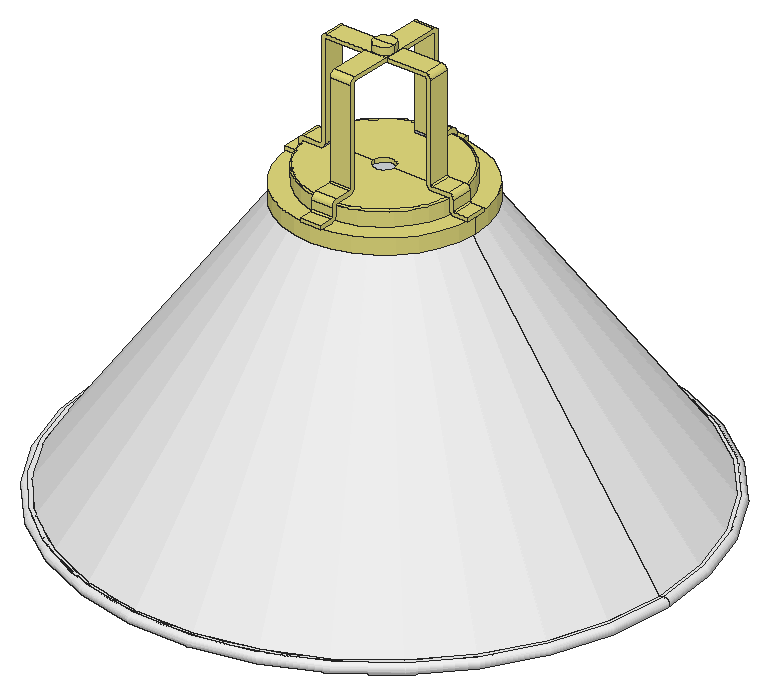
Revit family "BTC14 SHADE", category Lighting Fixtures, Revit 2024
Family settings
  Round Connector Dimension = Use Diameter
  Part Type = Normal
  OmniClass Number = 23.80.70.00
  OmniClass Title = Lighting
  Work Plane-Based = No
  Always vertical = Yes
  Cut with Voids When Loaded = No
  Light Source = Yes
  Maintain Annotation Orientation = No
  Shared = No
  Room Calculation Point = No
Parameters
  Wattage = 12.1178 W
  built-in parameter 1150110 = 1 (stored number, unit not read)
  built-in parameter 1114217 = 1 (stored number, unit not read)
  built-in parameter 1150109 = 1 (stored number, unit not read)
  built-in parameter 1150134 = (empty or 0)
  built-in parameter 1150113 = 1 (stored number, unit not read)
  Lumens = 1800 lm
  built-in parameter 1150115 = 1 (stored number, unit not read)
  built-in parameter 1150105 = 572.96 (stored number, unit not read)
  Light Source Symbol Size = 2' - 0"
  built-in parameter 1150137 = (empty or 0)
  built-in parameter 1150139 = (empty or 0)
  built-in parameter 1150112 = 1 (stored number, unit not read)
  built-in parameter 1150114 = 1 (stored number, unit not read)
  built-in parameter 1150132 = 2
  built-in parameter 1150102 = (empty or 0)
  built-in parameter 1150138 = (empty or 0)
  built-in parameter 1150107 = 3000 (stored number, unit not read)
  built-in parameter 1150106 = 5.7296 (stored number, unit not read)
  built-in parameter 1150104 = 13.8 (stored number, unit not read)
  Dimming Lamp Color Temperature Shift = (empty or 0)
  Default Elevation = 0' - 0"
  Color Filter = 16777215
  built-in parameter 1114218 = 1 (stored number, unit not read)
  built-in parameter 1150133 = 10 (stored number, unit not read)
Reference planes (in)
  plane 1 "Light Source Axis (F/B)": y = 0
  plane 2: z = 0
  plane 3 "Light Source Axis (L/R)": x = 0
  plane 4 "Light Source Elevation": z = 84
Forms (in)
  Revolve 1, solid
    sketch origin (0, 0, 0) x (1, 0, 0) y (0, 0, 1)
      loop
        line (-2.15625, 90.625) -> (-6.78425, 84.25) -> (-6.875, 84.25)
        arc (-6.875, 84.25) -> (-6.99924, 84.11127) -> (-6.84771, 84.00302) r 0.125
        line (-6.84771, 84.00302) -> (-2.10846, 90.53125) -> (-0.25, 90.53125) -> (-0.25, 90.625) -> (-2.15625, 90.625)
      axis (0, 84.00302) -> (0, 90.625)
    angle from 0 to 360
  Revolve 2, solid
    sketch origin (0, 0, 0) x (1, 0, 0) y (0, 0, 1)
      loop
        line (-2.25, 90.625) -> (-2.15625, 90.625) -> (-2.15625, 90.90625) -> (-1.71875, 90.90625) -> (-1.71875, 91.28125) -> (-0.25, 91.28125) -> (-0.25, 91.375) -> (-1.78125, 91.375)
        arc (-1.78125, 91.375) -> (-1.80335, 91.36585) -> (-1.8125, 91.34375) r 0.03125
        line (-1.8125, 91.34375) -> (-1.8125, 91) -> (-2.25, 91) -> (-2.25, 90.625)
      axis (0, 90.625) -> (0, 91.375)
    angle from 0 to 360
  Sweep 3, solid
    path origin (0, 0, 0) x (1, 0, 0) y (0, 0, 1)
      loop
        line (-2.25, 91) -> (-1.9375, 91)
        arc (-1.9375, 91) -> (-1.84911, 91.03661) -> (-1.8125, 91.125) r 0.125
        line (-1.8125, 91.125) -> (-1.8125, 91.34375)
        arc (-1.8125, 91.34375) -> (-1.80335, 91.36585) -> (-1.78125, 91.375) r 0.03125
        line (-1.78125, 91.375) -> (-1.375, 91.375)
        arc (-1.375, 91.375) -> (-1.28661, 91.41161) -> (-1.25, 91.5) r 0.125
        line (-1.25, 91.5) -> (-1.25, 93.78125)
        arc (-1.25, 93.78125) -> (-1.23869, 93.80857) -> (-1.21137, 93.81988) r 0.03863
        line (-1.21137, 93.81988) -> (0, 93.81988)
    profile origin (-2.09375, 0, 91) x (0, 0, 1) y (0, -1, 0)
      loop
        line (0, 0) -> (0, -0.25) -> (0.09375, -0.25) -> (0.09375, 0.25) -> (0, 0.25) -> (0, 0)
  Sweep 4, solid
    path origin (0, 0, 0) x (0, -1, 0) y (0, 0, 1)
      loop
        line (-2.25, 91) -> (-1.9375, 91)
        arc (-1.9375, 91) -> (-1.84911, 91.03661) -> (-1.8125, 91.125) r 0.125
        line (-1.8125, 91.125) -> (-1.8125, 91.34375)
        arc (-1.8125, 91.34375) -> (-1.80335, 91.36585) -> (-1.78125, 91.375) r 0.03125
        line (-1.78125, 91.375) -> (-1.375, 91.375)
        arc (-1.375, 91.375) -> (-1.28661, 91.41161) -> (-1.25, 91.5) r 0.125
        line (-1.25, 91.5) -> (-1.25, 93.78125)
        arc (-1.25, 93.78125) -> (-1.23869, 93.80857) -> (-1.21137, 93.81988) r 0.03863
        line (-1.21137, 93.81988) -> (0, 93.81988)
    profile origin (0, 2.09375, 91) x (0, 0, 1) y (-1, 0, 0)
      loop
        line (0, 0) -> (0, -0.25) -> (0.09375, -0.25) -> (0.09375, 0.25) -> (0, 0.25) -> (0, 0)
  Sweep 5, solid
    path origin (0, 0, 0) x (0, 1, 0) y (0, 0, 1)
      loop
        line (-2.25, 91) -> (-1.9375, 91)
        arc (-1.9375, 91) -> (-1.84911, 91.03661) -> (-1.8125, 91.125) r 0.125
        line (-1.8125, 91.125) -> (-1.8125, 91.34375)
        arc (-1.8125, 91.34375) -> (-1.80335, 91.36585) -> (-1.78125, 91.375) r 0.03125
        line (-1.78125, 91.375) -> (-1.375, 91.375)
        arc (-1.375, 91.375) -> (-1.28661, 91.41161) -> (-1.25, 91.5) r 0.125
        line (-1.25, 91.5) -> (-1.25, 93.78125)
        arc (-1.25, 93.78125) -> (-1.23869, 93.80857) -> (-1.21137, 93.81988) r 0.03863
        line (-1.21137, 93.81988) -> (0, 93.81988)
    profile origin (0, -2.09375, 91) x (0, 0, 1) y (1, 0, 0)
      loop
        line (0, 0) -> (0, -0.25) -> (0.09375, -0.25) -> (0.09375, 0.25) -> (0, 0.25) -> (0, 0)
  Sweep 6, solid
    path origin (0, 0, 0) x (-1, 0, 0) y (0, 0, 1)
      loop
        line (-2.25, 91) -> (-1.9375, 91)
        arc (-1.9375, 91) -> (-1.84911, 91.03661) -> (-1.8125, 91.125) r 0.125
        line (-1.8125, 91.125) -> (-1.8125, 91.34375)
        arc (-1.8125, 91.34375) -> (-1.80335, 91.36585) -> (-1.78125, 91.375) r 0.03125
        line (-1.78125, 91.375) -> (-1.375, 91.375)
        arc (-1.375, 91.375) -> (-1.28661, 91.41161) -> (-1.25, 91.5) r 0.125
        line (-1.25, 91.5) -> (-1.25, 93.78125)
        arc (-1.25, 93.78125) -> (-1.23869, 93.80857) -> (-1.21137, 93.81988) r 0.03863
        line (-1.21137, 93.81988) -> (0, 93.81988)
    profile origin (2.09375, 0, 91) x (0, 0, 1) y (0, 1, 0)
      loop
        line (0, 0) -> (0, -0.25) -> (0.09375, -0.25) -> (0.09375, 0.25) -> (0, 0.25) -> (0, 0)
  Revolve 7, solid
    sketch origin (0, 0, 0) x (1, 0, 0) y (0, 0, 1)
      loop
        line (-0.25, 93.91363) -> (0, 93.91363) -> (0, 94.0776) -> (-0.25, 94.0776) -> (-0.25, 93.91363)
      axis (0, 94.0776) -> (0, 93.91363)
    angle from 0 to 360
Dimensions and locks (in)
  aligned and locked: plane 3 "Light Source Axis (L/R)" to imposter light
  aligned and locked: plane 1 "Light Source Axis (F/B)" to imposter light
  aligned and locked: plane 4 "Light Source Elevation" to imposter light
  aligned and locked: level to plane 2
